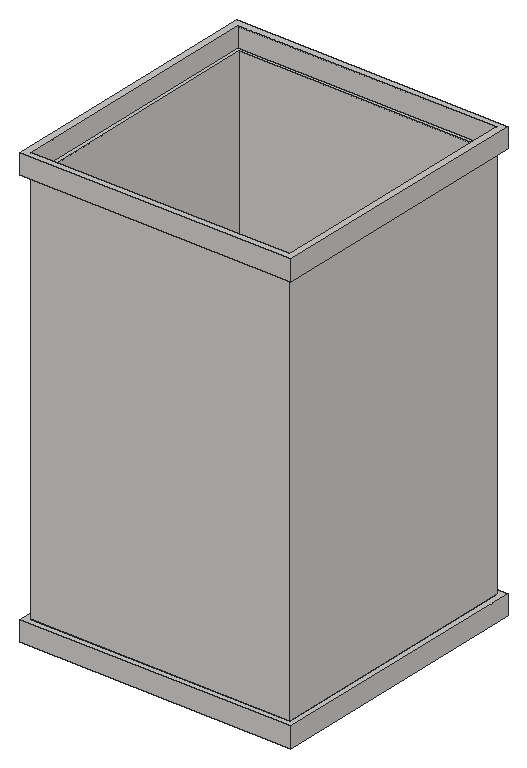
Revit family
Parameters
  offset [instance] = 0' - 0"
  Warranty Duration (Years) = 0
  Unit Width = 1' - 1"
  Unit Height = 1' - 10"
  Unit Depth = 1' - 1"
  URL = "http://www.americanspecialties.com/viewCategories.cfm"
  Trim Material = Metal - Stainless Steel
  Specification = "http://www.arcat.com/sdspecs/htm/10810asi.htm"
  SpecWizard = ""
  Send Message = "http://www.arcat.com/users.pl?action=UserEmail&company=American%20Specialties,%20Inc.&coid=30448&rep=139&fax=914-476-0688&mf="
  Sales Information = "http://www.americanspecialties.com/contact"
  Revision = "R1_10-2010"
  Product Properties = "http://www.americanspecialties.com/datasheets/0810-0811.pdf"
  Product Data = "http://www.arcat.com/arcatcos/cos30/arc30448.html"
  Model = "As Specified in 10 28 13"
  Manufacturer Website = "http://www.americanspecialties.com/viewCategories.cfm"
  Manufacturer Phone - Toll Free = ""
  Manufacturer Phone = "914-476-9000 "
  Manufacturer Fax = "914-476-0688"
  Manufacturer Address = "441 Saw Mill River Rd., Yonkers, NY 10701"
  Manufacturer = "American Specialties, Inc."
  Maintenance Schedule (Months) = 0
  Keynote = "10 28 13"
  Installation-Fabrication = "http://www.americanspecialties.com/products.cfm"
  Installation Phase = ""
  Green Building-LEED = "http://www.arcat.com/green/clients/leed_data_30448.html"
  Expected Lifespan (Years) = 0
  Drawn By = "Robert S. Weygant, CSI, CDT, SCIP"
  Description = "Toilet Accessory as Specified in 10 28 13"
  Default Elevation = 4' - 0"
  Copyright = "©Arcat Inc."
  Construction Details = "http://www.americanspecialties.com/products.cfm"
  Body Material = Metal - Stainless Steel
  Assembly Code = "C1030210"
Reference planes (in)
  plane 1 "Center (Front/Back)": y = 0
  plane 2 "Bottom": z = 0
  plane 3 "Center (Left/Right)": x = 0
Forms (in)
  Extrusion 1, solid, material "Metal - Stainless Steel" <- "Body Material"
    sketch origin (0, 0, 0) x (1, 0, 0) y (0, 1, 0)
      loop
        line (-6.5, 6.5) -> (-6.5, -6.5) -> (6.5, -6.5) -> (6.5, 6.5) -> (-6.5, 6.5)
      loop
        line (-6.3125, 6.3125) -> (-6.3125, -6.3125) -> (6.3125, -6.3125) -> (6.3125, 6.3125) -> (-6.3125, 6.3125)
    from 1 to 21
  Extrusion 2, solid, material "Metal - Stainless Steel" <- "Body Material"
    sketch origin (0, 0, 0) x (1, 0, 0) y (0, 1, 0)
      loop
        line (-6.5, 6.5) -> (-6.5, -6.5) -> (6.5, -6.5) -> (6.5, 6.5) -> (-6.5, 6.5)
      loop
        line (-6.80078, 6.80078) -> (-6.80078, -6.80078) -> (6.80078, -6.80078) -> (6.80078, 6.80078) -> (-6.80078, 6.80078)
    from 0 to 1
  Extrusion 3, solid, material "Metal - Stainless Steel" <- "Body Material"
    sketch origin (0, 0, 21) x (1, 0, 0) y (0, 1, 0)
      loop
        line (-6.5, 6.5) -> (-6.5, -6.5) -> (6.5, -6.5) -> (6.5, 6.5) -> (-6.5, 6.5)
      loop
        line (-6.80078, 6.80078) -> (-6.80078, -6.80078) -> (6.80078, -6.80078) -> (6.80078, 6.80078) -> (-6.80078, 6.80078)
    from 0 to 1
  Extrusion 4, solid
    sketch origin (0, 0, 0) x (1, 0, 0) y (0, 1, 0)
      loop
        line (-6.5, 6.5) -> (-6.5, -6.5) -> (6.5, -6.5) -> (6.5, 6.5) -> (-6.5, 6.5)
    from 0 to 1
Dimensions and locks (in)
  "Unit Height": Extrusion 3 to Extrusion 2
  equal spacing: Extrusion 1, plane 1 "Center (Front/Back)", Extrusion 1
  "Unit Depth": Extrusion 1 to Extrusion 1
  equal spacing: Extrusion 3, plane 3 "Center (Left/Right)", Extrusion 3
  "Unit Width": Extrusion 3 to Extrusion 3
  locked: Extrusion 2 to Extrusion 2 at 1
  locked: Extrusion 3 to Extrusion 3 at 1
  aligned and locked: Extrusion 2 sketch curve to Extrusion 1  (x3)
  aligned and locked: Extrusion 1 to Extrusion 2 sketch curve
  aligned and locked: Extrusion 1 to Extrusion 3
  aligned and locked: Extrusion 1 to Extrusion 2
  aligned and locked: Extrusion 4 sketch curve to Extrusion 1  (x3)
  aligned and locked: Extrusion 1 to Extrusion 4 sketch curve
  aligned and locked: Extrusion 4 to Extrusion 1  (x2)
  aligned and locked: Extrusion 2 to Extrusion 4
  aligned and locked: Extrusion 3 to Extrusion 1  (x2)
  aligned and locked: Extrusion 1 to Extrusion 4
  aligned and locked: Extrusion 2 to Extrusion 3  (x2)
  aligned and locked: Extrusion 3 to Extrusion 4  (x2)
Automatic sketch dimensions
  Extrusion 1 sketch curve to plane 3 "Center (Left/Right)" = 0' - 6 1/2"
  Extrusion 1 sketch curve to Extrusion 1 sketch curve = 0' - 0 3/16"  (x4)
  plane 3 "Center (Left/Right)" to Extrusion 1 sketch curve = 0' - 6 5/16"
  plane 1 "Center (Front/Back)" to Extrusion 1 sketch curve = 0' - 6 1/2"
  Extrusion 1 sketch curve to plane 1 "Center (Front/Back)" = 0' - 6 5/16"
  Extrusion 2 sketch curve to Extrusion 2 sketch curve = 0' - 0 77/256"  (x4)
  Extrusion 3 sketch curve to plane 3 "Center (Left/Right)" = 0' - 6 205/256"
  Extrusion 3 sketch curve to Extrusion 3 sketch curve = 0' - 0 77/256"  (x4)
  plane 3 "Center (Left/Right)" to Extrusion 3 sketch curve = 0' - 6 1/2"
  plane 1 "Center (Front/Back)" to Extrusion 3 sketch curve = 0' - 6 205/256"
  Extrusion 3 sketch curve to plane 1 "Center (Front/Back)" = 0' - 6 1/2"
